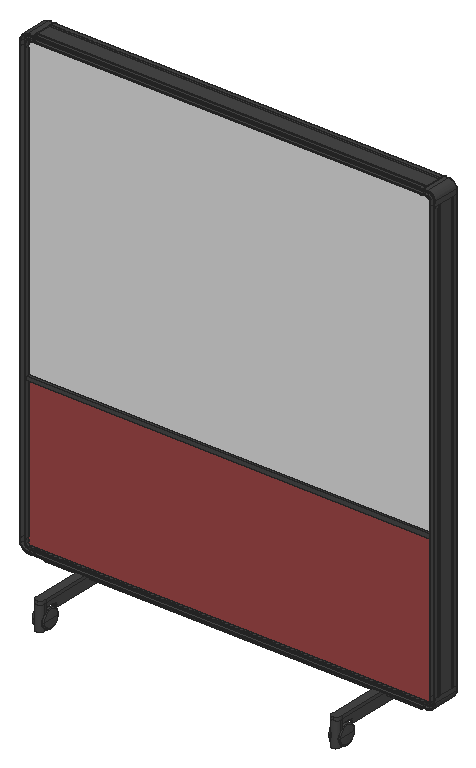
Revit family "DBLTD_TheSenatorGroup_PrvcyScrn_AdaptWall_Screen", category Furniture, Revit 2020 (continued)
Definition of nested family "DBLTD_TheSenatorGroup_OffcStrg_AdaptWall_Frame"
  Automatic sketch dimensions
    Sweep 22 sketch curve to Sweep 22 sketch curve = 8.543 mm
    Sweep 22 sketch curve to Sweep 22 sketch curve = 0.219 mm  (x3)
    Sweep 22 sketch curve to Sweep 22 sketch curve = 1.02 mm  (x2)
    Sweep 22 sketch curve to Sweep 22 sketch curve = 10 mm  (x2)
    profile plane to Sweep 22 sketch curve = 175.276 mm
    Sweep 22 sketch curve to Sweep 22 sketch curve = 0 mm  (x2)
    Sweep 22 sketch curve to Sweep 22 sketch curve = 1.116 mm  (x2)
    Sweep 22 sketch curve to Sweep 22 sketch curve = 9.465 mm
    Sweep 22 sketch curve to Sweep 22 sketch curve = 0.512 mm
    Sweep 22 sketch curve to Sweep 22 sketch curve = 4.997 mm
    Sweep 22 sketch curve to Sweep 22 sketch curve = 4.8 mm  (x2)
    Sweep 22 sketch curve to Sweep 22 sketch curve = 57.352 mm
    Sweep 22 sketch curve to Sweep 22 sketch curve = 3.509 mm
    Sweep 22 sketch curve to Sweep 22 sketch curve = 1.488 mm  (x2)
    Sweep 22 sketch curve to Sweep 22 sketch curve = 9.593 mm  (x2)
    Sweep 22 sketch curve to Sweep 22 sketch curve = 0.384 mm  (x2)
    radius of Extrusion 4 sketch curve = 17.494 mm
    radius of Extrusion 5 sketch curve = 17.494 mm
    radius of Extrusion 14 sketch curve = 17.494 mm
    radius of Extrusion 15 sketch curve = 17.494 mm
Definition of nested family "DBLTD_TheSenatorGroup_OffcStrg_AdaptWall_Screen"
  Parameters (values of type "Drywipe with MFC")
    URL = ""
    Type Comments = ""
    ScreenPanelMaterial = none
    ScreenMaterial [instance] = none
    PanelMaterial [instance] = none
    Model = ""
    Manufacturer = ""
    Keynote = ""
    IsFabric = no
    IsDrywipe = yes
    FrontFabric = no
    FrontDrywipe = yes
    FrameWidth [instance] = 1250 mm
    FrameMaterial [instance] = none
    Description = ""
    Default Elevation = 0 mm
    Cost = 0
    BottomMFC = yes
    BottomFabric = no
  Types (6, lengths in mm): name | IsFabric | IsDrywipe | FrontFabric | FrontDrywipe | FrameWidth | BottomMFC | BottomFabric
    Drywipe with Fabric | no | yes | no | yes | 1250 | no | yes
    Fabric with Fabric | yes | no | yes | no | 1250 | no | yes
    Drywipe with MFC | no | yes | no | yes | 1250 | yes | no
    Fabric with MFC | yes | no | yes | no | 1650 | yes | no
    Fabric & Drywipe with MFC | no | yes | yes | no | 1650 | yes | no
    Fabric & Drywipe with Fabric | no | yes | yes | no | 1250 | no | yes
  Reference planes
    plane 1: z = 0
    plane 2 "Center (Left/Right)": x = 0
    plane 3: y = -229
    plane 4: x = -576.25
    plane 5: x = 576.25
    plane 6: x = -625
    plane 7: x = 625
    plane 8: x = -401.881
    plane 9: x = -376.119
    plane 10: x = 401.881
    plane 11: x = 376.119
  Forms (mm)
    Extrusion 1, solid, material <- "FrameMaterial"
      sketch origin (0, 0, 0) x (1, 0, 0) y (0, 0, 1)
        loop
          line (-602.4, 729.508) -> (602.4, 729.508) -> (602.4, 745.068) -> (-602.4, 745.068) -> (-602.4, 729.508)
      from 175.276 to 282.724
    Extrusion 2, solid, material <- "ScreenMaterial", visible <- "FrontFabric"
      sketch origin (0, 0, 0) x (1, 0, 0) y (0, 0, 1)
        loop
          line (-602.4, 1934.91) -> (-602.4, 745.068) -> (602.4, 745.068) -> (602.4, 1934.91)
          arc (602.4, 1934.91) -> (600.233, 1940.143) -> (595, 1942.31) r 7.4
          line (595, 1942.31) -> (-595, 1942.31)
          arc (-595, 1942.31) -> (-600.233, 1940.143) -> (-602.4, 1934.91) r 7.4
      from 229 to 270.143
    Extrusion 3, solid, material <- "ScreenMaterial", visible <- "IsFabric"
      sketch origin (0, -458, 0) x (1, 0, 0) y (0, 0, -1)
        loop
          arc (-602.4, -1934.91) -> (-600.233, -1940.143) -> (-595, -1942.31) r 7.4
          line (-595, -1942.31) -> (595, -1942.31)
          arc (595, -1942.31) -> (600.233, -1940.143) -> (602.4, -1934.91) r 7.4
          line (602.4, -1934.91) -> (602.4, -745.068) -> (-602.4, -745.068) -> (-602.4, -1934.91)
      from 229 to 270.143
    Extrusion 4, solid, material <- "ScreenPanelMaterial", visible <- "IsDrywipe"
      sketch origin (0, -458, 0) x (1, 0, 0) y (0, 0, -1)
        loop
          arc (-602.4, -1934.91) -> (-600.233, -1940.143) -> (-595, -1942.31) r 7.4
          line (-595, -1942.31) -> (595, -1942.31)
          arc (595, -1942.31) -> (600.233, -1940.143) -> (602.4, -1934.91) r 7.4
          line (602.4, -1934.91) -> (602.4, -745.068) -> (-602.4, -745.068) -> (-602.4, -1934.91)
      from 229 to 270.143
    Extrusion 5, solid, material <- "ScreenMaterial", visible <- "BottomFabric"
      sketch origin (0, -458, 2081.065) x (1, 0, 0) y (0, 0, -1)
        loop
          line (-602.4, 1934.91) -> (-602.4, 1351.556) -> (602.4, 1351.556) -> (602.4, 1934.91)
          arc (602.4, 1934.91) -> (600.233, 1940.143) -> (595, 1942.31) r 7.4
          line (595, 1942.31) -> (-595, 1942.31)
          arc (-595, 1942.31) -> (-600.233, 1940.143) -> (-602.4, 1934.91) r 7.4
      from 187.857 to 270.143
    Extrusion 6, solid, material <- "PanelMaterial", visible <- "BottomMFC"
      sketch origin (0, -458, 2081.065) x (1, 0, 0) y (0, 0, -1)
        loop
          line (-602.4, 1934.91) -> (-602.4, 1351.556) -> (602.4, 1351.556) -> (602.4, 1934.91)
          arc (602.4, 1934.91) -> (600.233, 1940.143) -> (595, 1942.31) r 7.4
          line (595, 1942.31) -> (-595, 1942.31)
          arc (-595, 1942.31) -> (-600.233, 1940.143) -> (-602.4, 1934.91) r 7.4
      from 187.857 to 270.143
    Extrusion 7, solid, material <- "ScreenPanelMaterial", visible <- "FrontDrywipe"
      sketch origin (0, 0, 0) x (1, 0, 0) y (0, 0, 1)
        loop
          line (-602.4, 1934.91) -> (-602.4, 745.068) -> (602.4, 745.068) -> (602.4, 1934.91)
          arc (602.4, 1934.91) -> (600.233, 1940.143) -> (595, 1942.31) r 7.4
          line (595, 1942.31) -> (-595, 1942.31)
          arc (-595, 1942.31) -> (-600.233, 1940.143) -> (-602.4, 1934.91) r 7.4
      from 229 to 270.143
  Dimensions and locks
    equal spacing: plane 6, plane 2 "Center (Left/Right)", plane 7
    "FrameWidth": plane 6 to plane 7
    locked: plane 6 to plane 4 at 48.75
    locked: plane 7 to plane 5 at 48.75
    locked: plane 9 to plane 8 at 25.762
    locked: plane 8 to plane 4 at 174.369
    locked: plane 11 to plane 10 at 25.762
    locked: plane 10 to plane 5 at 174.369
    aligned and locked: level to plane 1
  Automatic sketch dimensions
    Extrusion 1 sketch curve to plane 6 = 22.6 mm
    Extrusion 1 sketch curve to plane 7 = 22.6 mm
    level to Extrusion 1 sketch curve = 729.508 mm
    Extrusion 1 sketch curve to Extrusion 1 sketch curve = 15.559 mm
    Extrusion 2 sketch curve to plane 6 = 22.6 mm
    Extrusion 2 sketch curve to Extrusion 2 sketch curve = 7.4 mm
    plane 5 to Extrusion 2 sketch curve = 18.75 mm
    Extrusion 2 sketch curve to plane 7 = 22.6 mm
    level to Extrusion 2 sketch curve = 745.068 mm
    Extrusion 2 sketch curve to Extrusion 2 sketch curve = 1189.842 mm
    Extrusion 3 sketch curve to plane 6 = 22.6 mm
    Extrusion 3 sketch curve to Extrusion 3 sketch curve = 7.4 mm
    plane 5 to Extrusion 3 sketch curve = 18.75 mm
    Extrusion 3 sketch curve to plane 7 = 22.6 mm
    level to Extrusion 3 sketch curve = 1942.31 mm
    level to Extrusion 3 sketch curve = 745.068 mm
    Extrusion 4 sketch curve to plane 6 = 22.6 mm
    Extrusion 4 sketch curve to Extrusion 4 sketch curve = 7.4 mm
    plane 5 to Extrusion 4 sketch curve = 18.75 mm
    Extrusion 4 sketch curve to plane 7 = 22.6 mm
    level to Extrusion 4 sketch curve = 1942.31 mm
    level to Extrusion 4 sketch curve = 745.068 mm
    Extrusion 5 sketch curve to plane 6 = 22.6 mm
    Extrusion 5 sketch curve to Extrusion 5 sketch curve = 7.4 mm
    plane 5 to Extrusion 5 sketch curve = 18.75 mm
    Extrusion 5 sketch curve to plane 7 = 22.6 mm
    level to Extrusion 5 sketch curve = 729.508 mm
    level to Extrusion 5 sketch curve = 146.155 mm
    Extrusion 6 sketch curve to plane 6 = 22.6 mm
    Extrusion 6 sketch curve to Extrusion 6 sketch curve = 7.4 mm
    plane 5 to Extrusion 6 sketch curve = 18.75 mm
    Extrusion 6 sketch curve to plane 7 = 22.6 mm
    level to Extrusion 6 sketch curve = 729.508 mm
    level to Extrusion 6 sketch curve = 146.155 mm
    Extrusion 7 sketch curve to plane 6 = 22.6 mm
    Extrusion 7 sketch curve to Extrusion 7 sketch curve = 7.4 mm
    plane 5 to Extrusion 7 sketch curve = 18.75 mm
    Extrusion 7 sketch curve to plane 7 = 22.6 mm
    level to Extrusion 7 sketch curve = 745.068 mm
    Extrusion 7 sketch curve to Extrusion 7 sketch curve = 1189.842 mm
Types (21, lengths in mm): name | Type Comments | Size | ScreenType | NominalWidth | NominalLength | ModelReference | ModelNumber | Model | DimensionsPlanSize | Description
  (no name) | "Screen Fabric & Magnetic Drywipe Upper Panels, MFC Lower Panels 1650mm Wide" | "L 530mm x  W 1650mm x  H 1965mm" | DBLTD_TheSenatorGroup_OffcStrg_AdaptWall_Screen : Fabric & Drywipe with MFC | 1650 | 1650 | "Screen Fabric & Magnetic Drywipe Upper Panels, MFC Lower Panels 1650mm Wide" | "AW2016MFMD" | "AW2016MFMD" | "1650 mm x 530 mm" | "Screen Fabric & Magnetic Drywipe Upper Panels, MFC Lower Panels 1650mm Wide"
  Screen Fabric Upper Panels, Fabric Lower Panels 1250mm Wide | "Screen Fabric Upper Panels, Fabric Lower Panels 1250mm Wide" | "L 530mm x  W 1250mm x  H 1965mm" | DBLTD_TheSenatorGroup_OffcStrg_AdaptWall_Screen : Fabric with Fabric | 1250 | 1250 | "Screen Fabric Upper Panels, Fabric Lower Panels 1250mm Wide" | "AW2012FF" | "AW2012FF" | "1250 mm x 530 mm" | "Screen Fabric Upper Panels, Fabric Lower Panels 1250mm Wide"
  Screen Fabric Upper Panels, Fabric Lower Panels 1650mm Wide | "Screen Fabric Upper Panels, Fabric Lower Panels 1650mm Wide" | "L 530mm x  W 1650mm x  H 1965mm" | DBLTD_TheSenatorGroup_OffcStrg_AdaptWall_Screen : Fabric with Fabric | 1650 | 1650 | "Screen Fabric Upper Panels, Fabric Lower Panels 1650mm Wide" | "AW2016FF" | "AW2016FF" | "1650 mm x 530 mm" | "Screen Fabric Upper Panels, Fabric Lower Panels 1650mm Wide"
  Screen Fabric Upper Panels, MFC Lower Panels 1650mm Wide | "Screen Fabric Upper Panels, MFC Lower Panels 1650mm Wide" | "L 530mm x  W 1650mm x  H 1965mm" | DBLTD_TheSenatorGroup_OffcStrg_AdaptWall_Screen : Fabric with MFC | 1650 | 1650 | "Screen Fabric Upper Panels, MFC Lower Panels 1650mm Wide" | "AW2016MF" | "AW2016MF" | "1650 mm x 530 mm" | "Screen Fabric Upper Panels, MFC Lower Panels 1650mm Wide"
  Screen Fabric Upper Panels, MFC Lower Panels 1250mm Wide | "Screen Unit Fabric Upper Panels, MFC Lower Panels 1250mm Wide" | "L 530mm x  W 1250mm x  H 1965mm" | DBLTD_TheSenatorGroup_OffcStrg_AdaptWall_Screen : Fabric with MFC | 1250 | 1250 | "Screen Unit Fabric Upper Panels, MFC Lower Panels 1250mm Wide" | "AW2012MF" | "AW2012MF" | "1250 mm x 530 mm" | "Screen Unit Fabric Upper Panels, MFC Lower Panels 1250mm Wide"
  Screen Fabric & Drywipe Upper Panels, MFC Lower Panels 1650mm Wide | "Screen Fabric & Drywipe Upper Panels, MFC Lower Panels 1650mm Wide" | "L 530mm x  W 1650mm x  H 1965mm" | DBLTD_TheSenatorGroup_OffcStrg_AdaptWall_Screen : Fabric & Drywipe with MFC | 1650 | 1650 | "Screen Fabric & Drywipe Upper Panels, MFC Lower Panels 1650mm Wide" | "AW2016MFD" | "AW2016MFD" | "1650 mm x 530 mm" | "Screen Fabric & Drywipe Upper Panels, MFC Lower Panels 1650mm Wide"
  Screen Fabric & Drywipe Upper Panels, MFC Lower Panels 1250mm Wide | "Screen Fabric & Drywipe Upper Panels, MFC Lower Panels 1250mm Wide" | "L 530mm x  W 1250mm x  H 1965mm" | DBLTD_TheSenatorGroup_OffcStrg_AdaptWall_Screen : Fabric & Drywipe with MFC | 1250 | 1250 | "Screen Fabric & Drywipe Upper Panels, MFC Lower Panels 1250mm Wide" | "AW2012MFD" | "AW2012MFD" | "1250 mm x 530 mm" | "Screen Fabric & Drywipe Upper Panels, MFC Lower Panels 1250mm Wide"
  Screen Fabric & Drywipe Upper Panels, Fabric Lower Panels 1650mm Wide | "Screen Fabric & Drywipe Upper Panels, Fabric Lower Panels 1650mm Wide" | "L 530mm x  W 1650mm x  H 1965mm" | DBLTD_TheSenatorGroup_OffcStrg_AdaptWall_Screen : Fabric & Drywipe with Fabric | 1650 | 1650 | "Screen Fabric & Drywipe Upper Panels, Fabric Lower Panels 1650mm Wide" | "AW2016FFD" | "AW2016FFD" | "1650 mm x 530 mm" | "Screen Fabric & Drywipe Upper Panels, Fabric Lower Panels 1650mm Wide"
  Screen Fabric & Drywipe Upper Panels, Fabric Lower Panels 1250mm Wide | "Screen Fabric & Drywipe Upper Panels, Fabric Lower Panels 1250mm Wide" | "L 530mm x  W 1250mm x  H 1965mm" | DBLTD_TheSenatorGroup_OffcStrg_AdaptWall_Screen : Fabric & Drywipe with Fabric | 1250 | 1250 | "Screen Fabric & Drywipe Upper Panels, Fabric Lower Panels 1250mm Wide" | "AW2012FFD" | "AW2012FFD" | "1250 mm x 530 mm" | "Screen Fabric & Drywipe Upper Panels, Fabric Lower Panels 1250mm Wide"
  Screen Drywipe Upper Panels, MFC Lower Panels 1650mm Wide | "Screen Drywipe Upper Panels, MFC Lower Panels 1650mm Wide" | "L 530mm x  W 1650mm x  H 1965mm" | DBLTD_TheSenatorGroup_OffcStrg_AdaptWall_Screen : Drywipe with MFC | 1650 | 1650 | "Screen Drywipe Upper Panels, MFC Lower Panels 1650mm Wide" | "AW2016MD" | "AW2016MD" | "1650 mm x 530 mm" | "Screen Drywipe Upper Panels, MFC Lower Panels 1650mm Wide"
  Screen Drywipe Upper Panels, MFC Lower Panels 1250mm Wide | "Screen Drywipe Upper Panels, MFC Lower Panels 1250mm Wide" | "L 530mm x  W 1250mm x  H 1965mm" | DBLTD_TheSenatorGroup_OffcStrg_AdaptWall_Screen : Drywipe with MFC | 1250 | 1250 | "Screen Drywipe Upper Panels, MFC Lower Panels 1250mm Wide" | "AW2012MD" | "AW2012MD" | "1250 mm x 530 mm" | "Screen Drywipe Upper Panels, MFC Lower Panels 1250mm Wide"
  Screen Drywipe Upper Panels, Fabric Lower Panels 1250mm Wide | "Screen Drywipe Upper Panels, Fabric Lower Panels 1250mm Wide" | "L 530mm x  W 1250mm x  H 1965mm" | DBLTD_TheSenatorGroup_OffcStrg_AdaptWall_Screen : Drywipe with Fabric | 1250 | 1250 | "Screen Drywipe Upper Panels, Fabric Lower Panels 1250mm Wide" | "AW2012FD" | "AW2012FD" | "1250 mm x 530 mm" | "Screen Drywipe Upper Panels, Fabric Lower Panels 1250mm Wide"
  Screen Drywipe Upper Panels, Fabric Lower Panels 1650mm Wide | "Screen Drywipe Upper Panels, Fabric Lower Panels 1650mm Wide" | "L 530mm x  W 1650mm x  H 1965mm" | DBLTD_TheSenatorGroup_OffcStrg_AdaptWall_Screen : Drywipe with MFC | 1650 | 1650 | "Screen Drywipe Upper Panels, Fabric Lower Panels 1650mm Wide" | "AW2016FD" | "AW2016FD" | "1650 mm x 530 mm" | "Screen Drywipe Upper Panels, Fabric Lower Panels 1650mm Wide"
  Screen Magnetic Drywipe Upper Panels, Fabric Lower Panels 1250mm Wide | "Screen Magnetic Drywipe Upper Panels, Fabric Lower Panels 1250mm Wide" | "L 530mm x  W 1250mm x  H 1965mm" | DBLTD_TheSenatorGroup_OffcStrg_AdaptWall_Screen : Drywipe with Fabric | 1250 | 1250 | "Screen Magnetic Drywipe Upper Panels, Fabric Lower Panels 1250mm Wide" | "AW2012FMD" | "AW2012FMD" | "1250 mm x 530 mm" | "Screen Magnetic Drywipe Upper Panels, Fabric Lower Panels 1250mm Wide"
  Screen Magnetic Drywipe Upper Panels, Fabric Lower Panels 1650mm Wide | "Screen Magnetic Drywipe Upper Panels, Fabric Lower Panels 1650mm Wide" | "L 530mm x  W 1650mm x  H 1965mm" | DBLTD_TheSenatorGroup_OffcStrg_AdaptWall_Screen : Drywipe with MFC | 1650 | 1650 | "Screen Magnetic Drywipe Upper Panels, Fabric Lower Panels 1650mm Wide" | "AW2016FMD" | "AW2016FMD" | "1650 mm x 530 mm" | "Screen Magnetic Drywipe Upper Panels, Fabric Lower Panels 1650mm Wide"
  Screen Fabric & Magnetic Drywipe Upper Panels, Fabric Lower Panels 1250mm Wide | "Screen Fabric & Magnetic Drywipe Upper Panels, Fabric Lower Panels 1250mm Wide" | "L 530mm x  W 1250mm x  H 1965mm" | DBLTD_TheSenatorGroup_OffcStrg_AdaptWall_Screen : Fabric & Drywipe with Fabric | 1250 | 1250 | "Screen Fabric & Magnetic Drywipe Upper Panels, Fabric Lower Panels 1250mm Wide" | "AW2012FFMD" | "AW2012FFMD" | "1250 mm x 530 mm" | "Screen Fabric & Magnetic Drywipe Upper Panels, Fabric Lower Panels 1250mm Wide"
  Screen Fabric & Magnetic Drywipe Upper Panels, Fabric Lower Panels 1650mm Wide | "Screen Fabric & Magnetic Drywipe Upper Panels, Fabric Lower Panels 1650mm Wide" | "L 530mm x  W 1650mm x  H 1965mm" | DBLTD_TheSenatorGroup_OffcStrg_AdaptWall_Screen : Fabric & Drywipe with Fabric | 1650 | 1650 | "Screen Fabric & Magnetic Drywipe Upper Panels, Fabric Lower Panels 1650mm Wide" | "AW2016FFMD" | "AW2016FFMD" | "1650 mm x 530 mm" | "Screen Fabric & Magnetic Drywipe Upper Panels, Fabric Lower Panels 1650mm Wide"
  Screen Magnetic Drywipe Upper Panels, MFC Lower Panels 1250mm Wide | "Screen Magnetic Drywipe Upper Panels, MFC Lower Panels 1250mm Wide" | "L 530mm x  W 1250mm x  H 1965mm" | DBLTD_TheSenatorGroup_OffcStrg_AdaptWall_Screen : Drywipe with MFC | 1250 | 1250 | "Screen Magnetic Drywipe Upper Panels, MFC Lower Panels 1250mm Wide" | "AW2012MMD" | "AW2012MMD" | "1250 mm x 530 mm" | "Screen Magnetic Drywipe Upper Panels, MFC Lower Panels 1250mm Wide"
  Screen Magnetic Drywipe Upper Panels, MFC Lower Panels 1650mm Wide | "Screen Magnetic Drywipe Upper Panels, MFC Lower Panels 1650mm Wide" | "L 530mm x  W 1650mm x  H 1965mm" | DBLTD_TheSenatorGroup_OffcStrg_AdaptWall_Screen : Drywipe with MFC | 1650 | 1650 | "Screen Magnetic Drywipe Upper Panels, MFC Lower Panels 1650mm Wide" | "AW2016MMD" | "AW2016MMD" | "1650 mm x 530 mm" | "Screen Magnetic Drywipe Upper Panels, MFC Lower Panels 1650mm Wide"
  Screen Fabric & Magnetic Drywipe Upper Panels, MFC Lower Panels 1250mm Wide | "Screen Fabric & Magnetic  Drywipe Upper Panels, MFC Lower Panels 1250mm Wide" | "L 530mm x  W 1250mm x  H 1965mm" | DBLTD_TheSenatorGroup_OffcStrg_AdaptWall_Screen : Fabric & Drywipe with MFC | 1250 | 1250 | "Screen Fabric & Magnetic  Drywipe Upper Panels, MFC Lower Panels 1250mm Wide" | "AW2012MFMD" | "AW2012MFMD" | "1250 mm x 530 mm" | "Screen Fabric & Magnetic  Drywipe Upper Panels, MFC Lower Panels 1250mm Wide"
  Screen Fabric & Magnetic Drywipe Upper Panels, MFC Lower Panels 1650mm Wide | "Screen Fabric & Magnetic Drywipe Upper Panels, MFC Lower Panels 1650mm Wide" | "L 530mm x  W 1650mm x  H 1965mm" | DBLTD_TheSenatorGroup_OffcStrg_AdaptWall_Screen : Fabric & Drywipe with MFC | 1650 | 1650 | "Screen Fabric & Magnetic Drywipe Upper Panels, MFC Lower Panels 1650mm Wide" | "AW2016MFMD" | "AW2016MFMD" | "1650 mm x 530 mm" | "Screen Fabric & Magnetic Drywipe Upper Panels, MFC Lower Panels 1650mm Wide"
